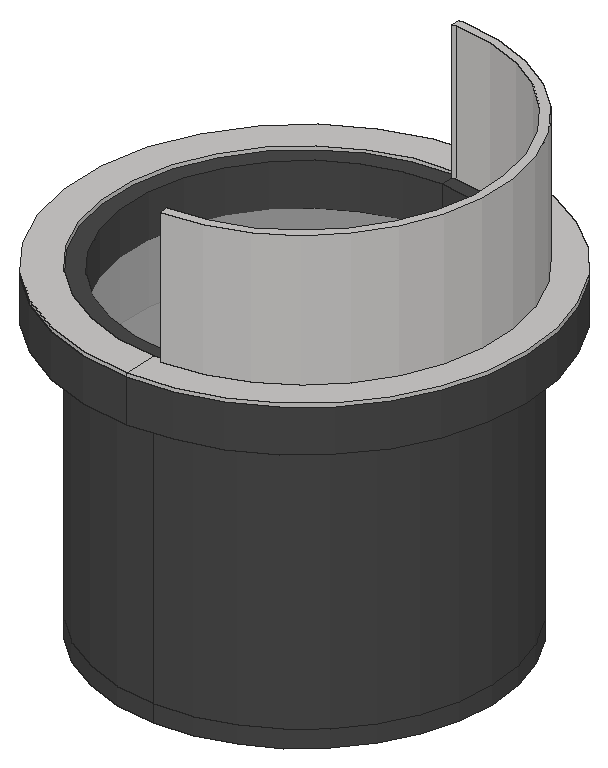
Revit family "LTV8HS", category Lighting Fixtures, host Face, Revit 2021
Family settings
  Host = Face
  Round Connector Dimension = Use Diameter
  Part Type = Normal
  OmniClass Number = 23.80.70.14.14
  OmniClass Title = Exterior Floodlights
  Cut with Voids When Loaded = No
  Light Source = Yes
  Shared = No
  Room Calculation Point = No
Parameters (values of type "LTV81HS")
  Wattage = 9.2903 W
  Warranty = "5 Years Limited Warranty"  # constant formula
  built-in parameter 1150110 = 1 (stored number, unit not read)
  Voltage = 120 V
  URL = "https://www.currentlighting.com/kimlighting"
  built-in parameter 1114217 = 1 (stored number, unit not read)
  Tilt Angle = 60.00°
  built-in parameter 1150109 = 1 (stored number, unit not read)
  built-in parameter 1150134 = 3
  built-in parameter 1150113 = 1 (stored number, unit not read)
  Radius = Diameter / 2  # 6.500"
  Product Page URL = ""
  Product Documentation Link = ""
  Photometric Web File = "ltv81ff-nf-36l3k.ies"
  Nominal Watts = 31 W
  Model = "Lightvault® 8 RGBW Half Shield"  # constant formula
  Material = Plastic - Black
  Manufacturer = "Kim Lighting"  # constant formula
  built-in parameter 1150105 = 109.82 (stored number, unit not read)
  Lumens = 1380 lm
  built-in parameter 1150115 = 1 (stored number, unit not read)
  built-in parameter 1150137 = (empty or 0)
  built-in parameter 1150139 = (empty or 0)
  Lens = White Glass
  built-in parameter 1150112 = 1 (stored number, unit not read)
  built-in parameter 1150114 = 1 (stored number, unit not read)
  Lamp = "LED"
  built-in parameter 1150132 = (empty or 0)
  built-in parameter 1150102 = (empty or 0)
  built-in parameter 1150107 = 3200 (stored number, unit not read)
  built-in parameter 1150138 = (empty or 0)
  built-in parameter 1150106 = 1.0982 (stored number, unit not read)
  Fixture = LTV8 : LTV81HS
  Finish = Bronze
  Features = "Bluetooth connectivity for remote control aiming, dimming, color changing\r\nFree mobile App for Adroid and iOS\r\nX-Y tilt controls for aiming 12° in any direction\r\nVariable dimming to 20% in 1% increments\r\nIP68 sealed maintenance free LED light engine\r\nTwo sizes: Medium 10 inch, Large 13 inch"  # constant formula
  Emit from Circle Diameter = Diameter  # 13.000"
  Emit Shape Visible in Rendering = no
  built-in parameter 1150104 = 13.8 (stored number, unit not read)
  Dimming Lamp Color Temperature Shift = <None>
  Diameter = 13.000"
  Description = "RGBW Color Changing via Bluetooth® or DMX. The Lightvault 8 RGBW Half Shield directs light while hiding glare and is well suited for controlling light in pedestrian areas and restaurants."  # constant formula
  Depth = 10.000"
  Default Elevation = 48.000"
  Color Filter = 16777215
  Certification = "UL 1598 Standard for Luminaires.\r\n■ UL 8750 Standard for Safety for Light\r\nEmitting Diode (LED) Equipment for use\r\nin Lighting Products. "  # constant formula
  built-in parameter 1114218 = 1 (stored number, unit not read)
  built-in parameter 1150133 = 10 (stored number, unit not read)
  Apparent Load = 0 VA
Types (2): name | Radius | Fixture | Emit from Circle Diameter | Diameter | Depth
  LTV81HS | 6.500" | LTV8 : LTV81HS | 13.000" | 13.000" | 10.000"
  LTV82HS | 5.000" | LTV8 : LTV82HS | 10.000" | 10.000" | 9.875"
Reference planes (in)
  plane 1 "Center (Front/Back)": y = 0
  plane 2: z = 0
  plane 3 "Center (Left/Right)": x = 0
  plane 4: y = 6.5
  plane 5: y = -6.5
  plane 6: z = -10
  plane 7: z = -9
  plane 8: y = 5
  plane 9: z = -1.25
  plane 10: z = -3
  plane 11: y = -5
  plane 12: y = 4.5
  plane 13: z = -9.5
  plane 14: z = -9.25
  plane 15: y = 5.5
Forms (in)
  Revolve 1, solid, material "Plastic - Black" <- "Material"
    sketch origin (0, 0, 0) x (0, 1, 0) y (0, 0, 1)
      loop
        line (6.5, 0) -> (5, 0) -> (5, -3) -> (0, -3) -> (0, -10) -> (4.5, -10) -> (4.5, -9.5) -> (5.5, -9.5) -> (5.5, -9) -> (5.5, -1.25) -> (6.5, -1.25) -> (6.5, 0)
      axis (0, -10) -> (0, 0)
    angle from 0 to 360
  Revolve 2, solid, material "White Glass" <- "Lens"
    sketch origin (0, 0, 0) x (0, 1, 0) y (0, 0, 1)
      loop
        line (0, -1.25) -> (0, -3) -> (5, -3) -> (5, -1.25) -> (0, -1.25)
      axis (0, -3) -> (0, -1.25)
    angle from 0 to 360
  Extrusion 3, void
    sketch origin (0, 0, 0) x (1, 0, 0) y (0, 1, 0)
      loop
        circle (0, 0) r 6.5
    from -10 to 0
Dimensions and locks (in)
  locked: level to plane 9 at 1.25
  locked: plane 9 to plane 10 at 1.75
  "Depth": level to plane 6
  locked: plane 7 to plane 6 at 1
  equal spacing: plane 5, plane 1 "Center (Front/Back)", plane 4
  "Diameter": plane 5 to plane 4
  locked: plane 5 to plane 11 at 1.5
  locked: plane 8 to plane 4 at 1.5
  locked: plane 12 to plane 8 at 0.5
  locked: plane 13 to plane 6 at 0.5
  locked: plane 14 to plane 13 at 0.25
  locked: plane 8 to plane 15 at 0.5
  "Radius": radius of Extrusion 3 sketch curve
  aligned and locked: plane 2 to host face
  aligned and locked: level to host face
  aligned and locked: Revolve 1 sketch curve to plane 6
  aligned and locked: plane 1 "Center (Front/Back)" to Revolve 1 sketch curve
  aligned and locked: plane 9 to Revolve 1 sketch curve
  aligned and locked: Revolve 1 sketch curve to plane 1 "Center (Front/Back)"
  aligned and locked: plane 12 to Revolve 1 sketch curve
  aligned and locked: plane 13 to Revolve 1 sketch curve
  aligned and locked: plane 15 to Revolve 1 sketch curve
  aligned and locked: Revolve 2 sketch curve to plane 1 "Center (Front/Back)"  (x2)
  aligned and locked: plane 10 to Revolve 2 sketch curve
  aligned and locked: plane 8 to Revolve 2 sketch curve
  aligned and locked: Revolve 1 sketch curve to plane 10
  aligned and locked: level to Extrusion 3
  aligned and locked: Extrusion 3 to plane 6
  aligned and locked: plane 3 "Center (Left/Right)" to Extrusion 3 sketch curve
  aligned and locked: plane 3 "Center (Left/Right)" to nested 1
  aligned and locked: plane 1 "Center (Front/Back)" to nested 1
Automatic sketch dimensions
  host sketch curve to host sketch curve = 96.000"  (x2)
  Revolve 1 sketch curve to plane 8 = 0.000"
  Revolve 1 sketch curve to level = 0.000"
  Revolve 1 sketch curve to plane 4 = 0.000"
  Revolve 1 sketch curve to plane 7 = 0.000"
  Revolve 1 sketch curve to plane 6 = 10.97429"
  level to Revolve 1 sketch curve = 92.27586"
  Revolve 2 sketch curve to plane 9 = 0.000"
  Revolve 2 sketch curve to plane 6 = 14.125"
  level to Revolve 2 sketch curve = 92.27586"
  plane 1 "Center (Front/Back)" to Extrusion 3 sketch curve = 0.000"
Nested families (in)
  nested 1: "LTV8" at (0, 0, 0), type <- "Fixture", type "LTV81HS"
    with Material Plastic - Black, Lens White Glass, Finish Stainless Steel
Connectors (in)
  electrical at (0, 0, 0), driven by "Description"
    settings: index 1, voltage 0 V, apparent load 0 VA, apparent load phase1 0 VA, apparent load phase2 0 VA, apparent load phase3 0 VA, power factor 1, load classification "Other", number of poles 1, system type 30, power factor state 1, is connector primary yes, connector utility no, sub classification motor no, connector description "RGBW Color Changing via Bluetooth® or DMX. The Lightvault 8 RGBW Half Shield directs light while hiding glare and is well suited for controlling light in pedestrian areas and restaurants."
Definition of nested family "LTV8"
  Parameters
    URL = "http://www.kimlighting.com/"
    Product Page URL = ""
    Product Documentation Link = ""
    Material [instance] = none
    Manufacturer Phone = "626/968-5666"  # constant formula
    Manufacturer Fax = "626/968-5716"  # constant formula
    Manufacturer = "Kim Lighting"  # constant formula
    Lens [instance] = none
    Height = 4.000"
    Finish [instance] = none
    Diameter = 13.000"
    Depth = 10.000"
    Default Elevation = 48.000"
  Reference planes (in)
    plane 1 "Center (Front/Back)": y = 0
    plane 2: z = 0
    plane 3 "Center (Left/Right)": x = 0
    plane 4: y = 6.5
    plane 5: y = -6.5
    plane 6: x = 0.5
    plane 7: x = -0.5
    plane 8: z = 0.1
    plane 9: y = 5.5
    plane 10: z = 4
  Forms (in)
    Revolve 1, solid, material <- "Finish"
      sketch origin (0, 0, 0) x (0, 1, 0) y (0, 0, 1)
        loop
          line (5.5, 0.1) -> (5.5, 0) -> (6.5, 0) -> (6.5, 0.1) -> (5.5, 0.1)
        axis (0, 0) -> (0, 0.1)
      angle from 0 to 360
    Sweep 2, solid, material <- "Finish"
      path origin (0, 0, 0) x (1, 0, 0) y (0, 1, 0)
        loop
          line (0, 5.5) -> (0.12952, 5.5)
          arc (0.12952, 5.5) -> (5.49889, 0.07405) -> (0.27554, -5.49262) r 5.50057
      profile origin (0.06476, 5.5, 0) x (0, 1, 0) y (0, 0, 1)
        loop
          line (0.12279, 0) -> (0.12279, 4) -> (-0.12721, 4) -> (-0.12721, 0) -> (0.12279, 0)
  Dimensions and locks (in)
    equal spacing: plane 4, plane 1 "Center (Front/Back)", plane 5  (x2)
    "Diameter": plane 4 to plane 5
    equal spacing: plane 7, plane 3 "Center (Left/Right)", plane 6
    locked: plane 8 to level at 0.1
    locked: plane 9 to plane 4 at 1
    "Height": plane 10 to level
    aligned and locked: plane 2 to level
    aligned and locked: Revolve 1 sketch curve to plane 8
    aligned and locked: level to Revolve 1 sketch curve
    aligned and locked: Revolve 1 sketch curve to plane 1 "Center (Front/Back)"
    aligned and locked: plane 4 to Revolve 1 sketch curve
    aligned and locked: Revolve 1 sketch curve to plane 9
    aligned and locked: plane 10 to Sweep 2 sketch curve
  Automatic sketch dimensions
    Revolve 1 sketch curve to level = 24.000"
    plane 8 to Revolve 1 sketch curve = 92.17586"
    Sweep 2 sketch curve to plane 3 "Center (Left/Right)" = 0.000"
    plane 9 to Sweep 2 sketch curve = 0.000"
    Sweep 2 sketch curve to plane 3 "Center (Left/Right)" = 0.0012"
    plane 3 "Center (Left/Right)" to Sweep 2 sketch curve = 0.12952"
    Sweep 2 sketch curve to plane 6 = 0.22446"
    Sweep 2 sketch curve to plane 1 "Center (Front/Back)" = 0.00098"
    Sweep 2 sketch curve to level = 0.000"
    profile plane to Sweep 2 sketch curve = 0.12721"
    Sweep 2 sketch curve to profile plane = 0.12279"
